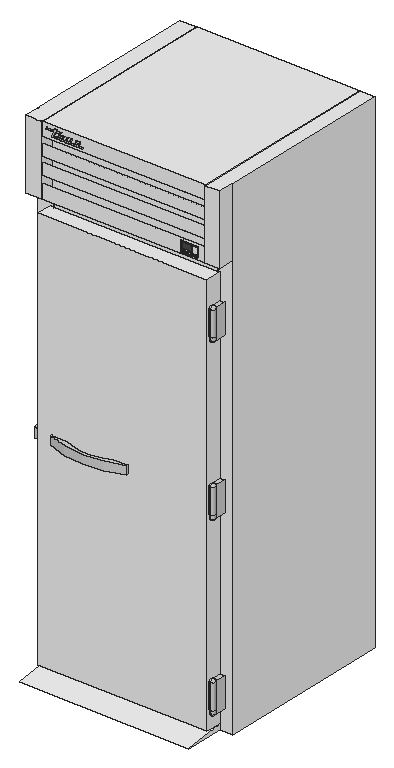
Revit family
Parameters
  Weight in Pounds = 0
  Watts = Volts * FL Amps  # 1023.5 W
  Volts = 115 V
  URL Cutsheet = "www.truemfg.com"
  URL = "www.truemfg.com"
  Type Mark [instance] = ""
  Type Comments = ""
  Status [instance] = ""
  Specification by User [instance] = ""
  Specification by Manufacturer = ""
  Show Logo [instance] = yes
  Show Clearance [instance] = yes
  Serial Number = ""
  Seismic Rating = ""
  SMACNA No = ""
  Revision Code [instance] = ""
  Phase = 1
  Omniclass Number and Title = ""
  Number of Poles [instance] = 1
  NAFEM Spec ID Number = ""
  Model = "STR1RRI89-1S"
  Min Ckt Ampacity = 0 A
  Max Overcurrent Protection = 0 A
  Masterspec = ""
  Manufacturer = "TRUE FOOD SERVICE EQUIPMENT, INC."
  Length = 35"
  Item Number [instance] = ""
  Installed By [instance] = ""
  Identify Quantity as Lot [instance] = yes
  Height = 88 3/4"
  HP = "1/3"
  Furnished By [instance] = ""
  Foodservice Equipment Identifier [instance] = yes
  FL Amps = 8.9 A
  Electrical Remarks [instance] = ""
  Electric Connection Type [instance] = ""
  Elec Conn RI Height [instance] = 0"
  Elec Conn Connection Height [instance] = 0"
  Description = "Roll-in Solid Swing Door Refrigerator"
  Depth = 34 3/4"
  Cycle = 60 Hz
  Conn Plug = "5-15P"
  Conn Conduit = yes
  CSI MasterFormat = ""
  CSI Master Format = ""
  Apparent Power = if(Phase = 3, Volts * FL Amps * 1.73, Volts * FL Amps)  # 1023.5 VA
Reference planes (in)
  plane 1 "BACK": y = 0
  plane 2: z = 0
  plane 3 "LEFT": x = 0
  plane 4 "RIGHT": x = 35
  plane 5 "FRONT": y = -34.75
  plane 6 "TOP": z = 88.75
  plane 7: x = 2.84375
  plane 8: y = -34.7042
  plane 9: x = 32.15625
  plane 10: z = 73.75
Forms (in)
  Extrusion 1, solid, material "QF_Finishes_Chrome - Satin"
    sketch origin (0.05, 0, 0) x (1, 0, 0) y (0, 1, 0)
      loop
        line (-0.05, 0) -> (-0.05, -32) -> (2.87859, -32) -> (2.87859, 0) -> (-0.05, 0)
    from 0 to 88.75
  Extrusion 2, solid, material "QF_Finishes_Chrome - Satin"
    sketch origin (50.15, 0, 0) x (1, 0, 0) y (0, 1, 0)
      loop
        line (-17.85, 0) -> (-17.85, -32) -> (-15.15, -32) -> (-15.15, 0) -> (-17.85, 0)
    from 0 to 88.75
  Extrusion 3, solid, material "QF_Finishes_Chrome - Satin"
    sketch origin (0, 0, 0) x (0, 1, 0) y (0, 0, 1)
      loop
        line (-34.7042, 76.28125) -> (-32, 76.28125) -> (-32, 0) -> (0, 0) -> (0, 88.75) -> (-34.7042, 88.75) -> (-34.7042, 86.40578) -> (-32.5, 84.83852) -> (-32.5, 83.71625) -> (-34.7042, 85.28351) -> (-34.7042, 83.1498) -> (-32.5, 81.58254) -> (-32.5, 80.62178) -> (-34.7042, 82.18904) -> (-34.7042, 80.09284) -> (-32.5, 78.52557) -> (-32.5, 77.25) -> (-34.7042, 78.81726) -> (-34.7042, 76.28125)
    from 2.92859 to 32.3
  Extrusion 4, solid, material "QF_Finishes_Chrome - Satin"
    sketch origin (0, 0, 0) x (1, 0, 0) y (0, 1, 0)
      loop
        line (34.84782, -32) -> (32.3, -32) -> (32.3, -34.75) -> (34.84782, -34.75) -> (34.84782, -32)
    from 76.28125 to 88.75
  Extrusion 5, solid, material "QF_Finishes_Chrome - Satin"
    sketch origin (-50.125, 0, 0.25) x (1, 0, 0) y (0, 1, 0)
      loop
        line (53.05359, -32) -> (50.24109, -32) -> (50.24109, -34.75) -> (53.05359, -34.75) -> (53.05359, -32)
    from 76.03125 to 88.5
  Extrusion 6, solid, material "QF_Finishes_Chrome - Satin"
    sketch origin (-24.96875, -1, -0.71875) x (1, 0, 0) y (0, 0, 1)
      loop
        line (27.25, 1.71875) -> (57.65625, 1.71875) -> (57.65625, 74.46875) -> (27.25, 74.46875) -> (27.25, 1.71875)
    from 31 to 33.75
  Extrusion 7, solid, material "QF_Finishes_Handrails and Railings"
    sketch origin (58.625, -0.25, 26.43519) x (1, 0, 0) y (0, 1, 0)
      loop
        line (-53.875, -34.5) -> (-53.875, -34.7)
        arc (-53.875, -34.7) -> (-47.075, -36.14405) -> (-40.275, -34.7) r 16.7325
        line (-40.275, -34.7) -> (-40.275, -34.5) -> (-42.675, -34.5)
        arc (-42.675, -34.5) -> (-47.075, -35.65816) -> (-51.475, -34.5) r 8.93715
        line (-51.475, -34.5) -> (-53.875, -34.5)
    from 10.87731 to 12.37731
  Extrusion 8, solid, material "QF_Finishes_Handrails and Railings"
    sketch origin (-23.375, 0, -2) x (1, 0, 0) y (0, 0, 1)
      loop
        circle (26.4375, 40.0625) r 0.35
      loop
        line (26.47265, 40.33635) -> (26.41715, 40.33635) -> (26.41715, 39.76895) -> (26.47265, 39.76895) -> (26.47265, 40.33635)
    from 33.5 to 33.83066
  Extrusion 9, solid, material "QF_Finishes_Handrails and Railings", visible <- "Show Logo"
    sketch origin (0.33478, 0.06376, 5.01857) x (1, 0, 0) y (0, 0, 1)
      loop
        line (3.46044, 83.08731) -> (3.35478, 82.86073) -> (4.76027, 82.86073)
        arc (4.76027, 82.86073) -> (4.78879, 82.81028) -> (4.76027, 82.75984) r 0.05887
        line (4.76027, 82.75984) -> (4.39369, 81.97372)
        arc (4.39369, 81.97372) -> (4.39051, 81.90091) -> (4.43975, 81.84717) r 0.09523
        line (4.43975, 81.84717) -> (5.33844, 81.84717)
        arc (5.33844, 81.84717) -> (5.45192, 81.88295) -> (5.52436, 81.97735) r 0.19785
        line (5.52436, 81.97735) -> (5.81285, 82.59601) -> (6.0779, 82.59601)
        arc (6.0779, 82.59601) -> (6.14744, 82.57043) -> (6.13737, 82.49703) r 0.05911
        line (6.13737, 82.49703) -> (5.89598, 81.97937)
        arc (5.89598, 81.97937) -> (5.89974, 81.8934) -> (5.97231, 81.84717) r 0.09318
        line (5.97231, 81.84717) -> (6.76198, 81.84717)
        arc (6.76198, 81.84717) -> (6.82249, 81.86919) -> (6.85468, 81.92495) r 0.09412
        arc (6.85468, 81.92495) -> (6.87746, 81.86995) -> (6.93246, 81.84717) r 0.07778
        line (6.93246, 81.84717) -> (7.43246, 81.84717)
        arc (7.43246, 81.84717) -> (7.49022, 81.86265) -> (7.53251, 81.90493) r 0.11552
        arc (7.53251, 81.90493) -> (7.55275, 81.85606) -> (7.60162, 81.83581) r 0.06912
        line (7.60162, 81.83581) -> (8.31225, 81.83581)
        arc (8.31225, 81.83581) -> (8.37034, 81.85988) -> (8.39441, 81.91797) r 0.08216
        arc (8.39441, 81.91797) -> (8.44767, 81.86472) -> (8.52042, 81.84522) r 0.14551
        line (8.52042, 81.84522) -> (9.85158, 81.84522) -> (9.99946, 82.10134) -> (8.65678, 82.10134)
        arc (8.65678, 82.10134) -> (8.61972, 82.12704) -> (8.61834, 82.17211) r 0.05009
        line (8.61834, 82.17211) -> (8.64157, 82.22192)
        arc (8.64157, 82.22192) -> (8.67723, 82.26864) -> (8.73327, 82.28635) r 0.09747
        line (8.73327, 82.28635) -> (9.16485, 82.28635)
        arc (9.16485, 82.28635) -> (9.258, 82.31131) -> (9.32619, 82.3795) r 0.1863
        line (9.32619, 82.3795) -> (9.45119, 82.59601)
        arc (9.45119, 82.59601) -> (9.45119, 82.71157) -> (9.35111, 82.76934) r 0.11556
        line (9.35111, 82.76934) -> (8.89562, 82.76934)
        arc (8.89562, 82.76934) -> (8.7795, 82.74962) -> (8.69849, 82.66412) r 0.18605
        line (8.69849, 82.66412) -> (8.48204, 82.19993)
        arc (8.48204, 82.19993) -> (8.41815, 82.11667) -> (8.31806, 82.08511) r 0.1745
        line (8.31806, 82.08511) -> (7.84559, 82.08511)
        arc (7.84559, 82.08511) -> (7.78903, 82.14684) -> (7.79268, 82.23048) r 0.10939
        line (7.79268, 82.23048) -> (8.04395, 82.76934) -> (7.88403, 82.76934) -> (7.61781, 82.19844)
        arc (7.61781, 82.19844) -> (7.56609, 82.13103) -> (7.48505, 82.10548) r 0.14128
        line (7.48505, 82.10548) -> (7.15925, 82.10548)
        arc (7.15925, 82.10548) -> (7.10419, 82.17723) -> (7.116, 82.26689) r 0.11816
        line (7.116, 82.26689) -> (7.3503, 82.76934) -> (7.18514, 82.76934) -> (6.91546, 82.191)
        arc (6.91546, 82.191) -> (6.85285, 82.12839) -> (6.76733, 82.10548) r 0.17104
        line (6.76733, 82.10548) -> (6.29555, 82.10548)
        arc (6.29555, 82.10548) -> (6.21082, 82.14499) -> (6.20267, 82.23813) r 0.0935
        line (6.20267, 82.23813) -> (6.35774, 82.57069) -> (6.57695, 82.57069)
        arc (6.57695, 82.57069) -> (6.61395, 82.68217) -> (6.69267, 82.76934) r 0.2857
        line (6.69267, 82.76934) -> (5.83605, 82.76934)
        arc (5.83605, 82.76934) -> (5.74086, 82.74824) -> (5.67498, 82.67635) r 0.16212
        line (5.67498, 82.67635) -> (5.44279, 82.17841)
        arc (5.44279, 82.17841) -> (5.3894, 82.12502) -> (5.31647, 82.10548) r 0.14586
        line (5.31647, 82.10548) -> (4.80506, 82.10548)
        arc (4.80506, 82.10548) -> (4.76514, 82.15942) -> (4.77274, 82.22609) r 0.09155
        line (4.77274, 82.22609) -> (5.11018, 82.86073) -> (5.96155, 82.86073) -> (6.06721, 83.08731) -> (5.21584, 83.08731) -> (5.32149, 83.31388) -> (5.01862, 83.31388) -> (4.91297, 83.08731) -> (3.46044, 83.08731)
      loop
        arc (8.83805, 82.56363) -> (8.80119, 82.55375) -> (8.7742, 82.52676) r 0.07373
        line (8.7742, 82.52676) -> (8.75229, 82.45936)
        arc (8.75229, 82.45936) -> (8.76245, 82.43483) -> (8.78699, 82.42466) r 0.0347
        line (8.78699, 82.42466) -> (9.15948, 82.42466)
        arc (9.15948, 82.42466) -> (9.18632, 82.43061) -> (9.20812, 82.44734) r 0.0635
        line (9.20812, 82.44734) -> (9.22624, 82.53122)
        arc (9.22624, 82.53122) -> (9.22091, 82.55368) -> (9.20009, 82.56363) r 0.02676
        line (9.20009, 82.56363) -> (8.83805, 82.56363)
    from 34.76797 to 34.83173
  Extrusion 10, solid, material "QF_Finishes_White"
    sketch origin (-22.74812, 0.0458, -7.98362) x (1, 0, 0) y (0, 0, 1)
      loop
        line (50.81732, 86.35727) -> (50.81732, 84.60996) -> (53.72357, 84.60996) -> (53.72357, 86.35727) -> (50.81732, 86.35727)
    from 34.75 to 34.76797
  Extrusion 11, solid, material "QF_Finishes_Black"
    sketch origin (-22.74812, 0.0458, -7.98362) x (1, 0, 0) y (0, 0, 1)
      loop
        line (53.78607, 86.41977) -> (50.75482, 86.41977) -> (50.75482, 84.54746) -> (53.78607, 84.54746) -> (53.78607, 86.41977)
      loop
        spline (50.95482, 84.87872) -> (50.96333, 84.86254) -> (50.98831, 84.84747) -> (51.02804, 84.83452) -> (51.07982, 84.82459) -> (51.14011, 84.81835) -> (51.20482, 84.81622) -> (51.26952, 84.81835) -> (51.32982, 84.82459) -> (51.38159, 84.83452) -> (51.42132, 84.84747) -> (51.4463, 84.86254) -> (51.45482, 84.87872)
        spline (51.45482, 84.87872) -> (51.4463, 84.89489) -> (51.42132, 84.90997) -> (51.38159, 84.92291) -> (51.32982, 84.93284) -> (51.26952, 84.93909) -> (51.20482, 84.94122) -> (51.14011, 84.93909) -> (51.07982, 84.93284) -> (51.02804, 84.92291) -> (50.98831, 84.90997) -> (50.96333, 84.89489) -> (50.95482, 84.87872)
      loop
        spline (51.65083, 84.87872) -> (51.65935, 84.86254) -> (51.68432, 84.84747) -> (51.72405, 84.83452) -> (51.77583, 84.82459) -> (51.83612, 84.81835) -> (51.90083, 84.81622) -> (51.96553, 84.81835) -> (52.02583, 84.82459) -> (52.07761, 84.83452) -> (52.11734, 84.84747) -> (52.14231, 84.86254) -> (52.15083, 84.87872)
        spline (52.15083, 84.87872) -> (52.14231, 84.89489) -> (52.11734, 84.90997) -> (52.07761, 84.92291) -> (52.02583, 84.93284) -> (51.96553, 84.93909) -> (51.90083, 84.94122) -> (51.83612, 84.93909) -> (51.77583, 84.93284) -> (51.72405, 84.92291) -> (51.68432, 84.90997) -> (51.65935, 84.89489) -> (51.65083, 84.87872)
      loop
        spline (52.40083, 84.87872) -> (52.40935, 84.86254) -> (52.43432, 84.84747) -> (52.47405, 84.83452) -> (52.52583, 84.82459) -> (52.58612, 84.81835) -> (52.65083, 84.81622) -> (52.71553, 84.81835) -> (52.77583, 84.82459) -> (52.82761, 84.83452) -> (52.86734, 84.84747) -> (52.89231, 84.86254) -> (52.90083, 84.87872)
        spline (52.90083, 84.87872) -> (52.89231, 84.89489) -> (52.86734, 84.90997) -> (52.82761, 84.92291) -> (52.77583, 84.93284) -> (52.71553, 84.93909) -> (52.65083, 84.94122) -> (52.58612, 84.93909) -> (52.52583, 84.93284) -> (52.47405, 84.92291) -> (52.43432, 84.90997) -> (52.40935, 84.89489) -> (52.40083, 84.87872)
      loop
        line (50.95481, 86.21978) -> (50.95481, 85.21978) -> (52.65433, 85.21978) -> (52.65433, 86.21978) -> (50.95481, 86.21978)
      loop
        line (53.72357, 86.35727) -> (50.81732, 86.35727) -> (50.81732, 84.60996) -> (53.72357, 84.60996) -> (53.72357, 86.35727)
      loop
        spline (53.15083, 84.87872) -> (53.15935, 84.86254) -> (53.18432, 84.84747) -> (53.22405, 84.83452) -> (53.27583, 84.82459) -> (53.33612, 84.81835) -> (53.40083, 84.81622) -> (53.46553, 84.81835) -> (53.52583, 84.82459) -> (53.57761, 84.83452) -> (53.61734, 84.84747) -> (53.64231, 84.86254) -> (53.65083, 84.87872)
        spline (53.65083, 84.87872) -> (53.64231, 84.89489) -> (53.61734, 84.90997) -> (53.57761, 84.92291) -> (53.52583, 84.93284) -> (53.46553, 84.93909) -> (53.40083, 84.94122) -> (53.33612, 84.93909) -> (53.27583, 84.93284) -> (53.22405, 84.92291) -> (53.18432, 84.90997) -> (53.15935, 84.89489) -> (53.15083, 84.87872)
    from 34.76797 to 34.80335
  Extrusion 12, solid
    sketch origin (-25.125, 0, 0) x (1, 0, 0) y (0, 0, 1)
      loop
        circle (56.875, 86.625) r 0.25
    from 0 to 0.0625
  Blend 13, solid, material "QF_Finishes_Handrails and Railings"
    base sketch origin (27.53125, -1, 0) x (-1, 0, 0) y (0, 0, -1)
      loop
        line (25.25, -38.99169) -> (26, -38.99169) -> (26, -37.24169) -> (25.25, -37.24169) -> (25.25, -38.99169)
    top sketch origin (27.53125, 0, 0) x (-1, 0, 0) y (0, 0, -1)
      loop
        line (26.18223, -36.6441) -> (25.25, -36.6441) -> (25.25, -39.42643) -> (26.18223, -39.42643) -> (26.18223, -36.6441)
    from 33.57883 to 32
  Extrusion 14, solid, material "QF_Finishes_Handrails and Railings"
    sketch origin (33.78125, 0, 0) x (0, 1, 0) y (0, 0, -1)
      loop
        line (-32, -69.17729) -> (-32, -63.86127) -> (-34.25, -63.86127) -> (-34.25, -64.57348) -> (-33.81497, -64.57348) -> (-33.81497, -68.97276)
        arc (-33.81497, -68.97276) -> (-33.75506, -69.11738) -> (-33.61044, -69.17729) r 0.20453
        line (-33.61044, -69.17729) -> (-32, -69.17729)
    from 0.17506 to 1
  Revolve 15, solid, material "QF_Finishes_Handrails and Railings"
    sketch origin (33.28125, 0, 0) x (0, 1, 0) y (0, 0, -1)
      loop
        line (-34.26563, -64.62689) -> (-34.67229, -64.62689) -> (-34.67229, -69.0986)
        arc (-34.67229, -69.0986) -> (-34.53722, -69.35057) -> (-34.26563, -69.43983) r 0.3848
        line (-34.26563, -69.43983) -> (-34.26563, -64.62689)
      loop
        line (-34.26563, -64.57348) -> (-34.26563, -63.67281)
        arc (-34.26563, -63.67281) -> (-34.53264, -63.75883) -> (-34.67229, -64.00212) r 0.38884
        line (-34.67229, -64.00212) -> (-34.67229, -64.57348) -> (-34.26563, -64.57348)
      axis (-34.26563, -63.67281) -> (-34.26563, -69.43983)
    angle from 0 to 360
  Extrusion 16, solid, material "QF_Finishes_Handrails and Railings"
    sketch origin (27.5, -1.07734, 0.0011) x (-1, 0, 0) y (0, 0, -1)
      loop
        line (-5.58509, -69.0986) -> (-5.1875, -69.0986) -> (-5.1875, -64.62579) -> (-5.58509, -64.62579) -> (-5.58509, -69.0986)
    from 32.81497 to 33.59495
  Extrusion 17, solid, material "QF_Finishes_Handrails and Railings"
    sketch origin (33.78125, 0, -24) x (0, 1, 0) y (0, 0, -1)
      loop
        line (-32, -64.55229) -> (-32, -59.23627) -> (-34.25, -59.23627) -> (-34.25, -59.94848) -> (-33.81497, -59.94848) -> (-33.81497, -64.34776)
        arc (-33.81497, -64.34776) -> (-33.75506, -64.49238) -> (-33.61044, -64.55229) r 0.20453
        line (-33.61044, -64.55229) -> (-32, -64.55229)
    from 0.17506 to 1
  Revolve 18, solid, material "QF_Finishes_Handrails and Railings"
    sketch origin (33.28125, 0, -24) x (0, 1, 0) y (0, 0, -1)
      loop
        line (-34.26563, -60.00189) -> (-34.67229, -60.00189) -> (-34.67229, -64.4736)
        arc (-34.67229, -64.4736) -> (-34.53722, -64.72557) -> (-34.26563, -64.81483) r 0.3848
        line (-34.26563, -64.81483) -> (-34.26563, -60.00189)
      loop
        line (-34.26563, -59.94848) -> (-34.26563, -59.04781)
        arc (-34.26563, -59.04781) -> (-34.53264, -59.13383) -> (-34.67229, -59.37712) r 0.38884
        line (-34.67229, -59.37712) -> (-34.67229, -59.94848) -> (-34.26563, -59.94848)
      axis (-34.26563, -59.04781) -> (-34.26563, -64.81483)
    angle from 0 to 360
  Extrusion 19, solid, material "QF_Finishes_Handrails and Railings"
    sketch origin (27.5, -1.07734, -23.9989) x (-1, 0, 0) y (0, 0, -1)
      loop
        line (-5.58509, -64.4736) -> (-5.1875, -64.4736) -> (-5.1875, -60.00079) -> (-5.58509, -60.00079) -> (-5.58509, -64.4736)
    from 32.81497 to 33.59495
  Extrusion 20, solid, material "QF_Finishes_Handrails and Railings"
    sketch origin (33.78125, 0, -55.5) x (0, 1, 0) y (0, 0, -1)
      loop
        line (-32, -64.55229) -> (-32, -59.23627) -> (-34.25, -59.23627) -> (-34.25, -59.94848) -> (-33.81497, -59.94848) -> (-33.81497, -64.34776)
        arc (-33.81497, -64.34776) -> (-33.75506, -64.49238) -> (-33.61044, -64.55229) r 0.20453
        line (-33.61044, -64.55229) -> (-32, -64.55229)
    from 0.17506 to 1
  Revolve 21, solid, material "QF_Finishes_Handrails and Railings"
    sketch origin (33.28125, 0, -55.5) x (0, 1, 0) y (0, 0, -1)
      loop
        line (-34.26563, -60.00189) -> (-34.67229, -60.00189) -> (-34.67229, -64.4736)
        arc (-34.67229, -64.4736) -> (-34.53722, -64.72557) -> (-34.26563, -64.81483) r 0.3848
        line (-34.26563, -64.81483) -> (-34.26563, -60.00189)
      loop
        line (-34.26563, -59.94848) -> (-34.26563, -59.04781)
        arc (-34.26563, -59.04781) -> (-34.53264, -59.13383) -> (-34.67229, -59.37712) r 0.38884
        line (-34.67229, -59.37712) -> (-34.67229, -59.94848) -> (-34.26563, -59.94848)
      axis (-34.26563, -59.04781) -> (-34.26563, -64.81483)
    angle from 0 to 360
  Extrusion 22, solid, material "QF_Finishes_Handrails and Railings"
    sketch origin (27.5, -1.07734, -55.4989) x (-1, 0, 0) y (0, 0, -1)
      loop
        line (-5.58509, -64.4736) -> (-5.1875, -64.4736) -> (-5.1875, -60.00079) -> (-5.58509, -60.00079) -> (-5.58509, -64.4736)
    from 32.81497 to 33.59495
  Extrusion 23, solid, material "QF_Finishes_Door Clearance", visible <- "Show Clearance", detail levels coarse
    sketch origin (26.42841, -3.6098, 0) x (1, 0, 0) y (0, 1, 0)
      loop
        line (6.32159, -31.1402) -> (-24.14716, -31.1402)
        arc (-24.14716, -31.1402) -> (-15.22307, -52.68486) -> (6.32159, -61.60895) r 30.46875
        line (6.32159, -61.60895) -> (6.32159, -31.1402)
    from 1 to 73.75
  Extrusion 24, solid, material "QF_Finishes_Chrome - Satin"
    sketch origin (32.6875, -1, 1) x (0, 0, 1) y (0, -1, 0)
      loop
        line (-1, 37.875) -> (-1, 31) -> (0, 31) -> (-1, 37.875)
    from 0 to -30.40625
Cuts and joins
  joined: Extrusion 1, Extrusion 2, Extrusion 4, Extrusion 5
Lines and regions (in)
  symbolic lines
    curve 1: line (0, 0, 0) -> (35, 0, 0)
    curve 2: line (0, -34.75, 0) -> (0, 0, 0)
    curve 3: line (35, -34.75, 0) -> (0, -34.75, 0)
    curve 4: line (35, 0, 0) -> (35, -34.75, 0)
    curve 5: line (35, -32.5, 0) -> (0, -32.5, 0)
    curve 6: arc (15.95746, -34.75, 0) -> (11.55746, -35.90816, 0) -> (7.15746, -34.75, 0) r 8.93715
    curve 7: arc (4.75746, -34.95, 0) -> (11.55746, -36.39405, 0) -> (18.35746, -34.95, 0) r 16.7325
    curve 8: line (4.75746, -34.75, 0) -> (4.75746, -34.95, 0)
    curve 9: line (18.35746, -34.95, 0) -> (18.35746, -34.75, 0)
  symbolic lines, style "QF-Door Swings", visible <- "Show Clearance", detail levels coarse
    curve 10: line (32.75, -34.75, 0) -> (32.75, -65.21875, 0)
    curve 11: arc (32.75, -65.21875, 0) -> (11.20534, -56.29466, 0) -> (2.28125, -34.75, 0) r 30.46875
Dimensions and locks (in)
  "Depth": plane 5 "FRONT" to plane 1 "BACK"
  "Height": plane 6 "TOP" to level
  Extrusion 6 sketch curve to Extrusion 6 sketch curve = 30 13/32"
  Extrusion 6 to plane 1 "BACK" = 34 3/4"
  "Length": plane 3 "LEFT" to plane 4 "RIGHT"
  plane 4 "RIGHT" to plane 3 "LEFT" = 35"
  plane 10 to level = 73 3/4"
  aligned and locked: level to plane 2
  aligned and locked: plane 6 "TOP" to cut or joined group of Extrusion 1, Extrusion 2, Extrusion 4, Extrusion 5
Automatic sketch dimensions
  Extrusion 1 sketch curve to plane 3 "LEFT" = 0"
  plane 1 "BACK" to Extrusion 1 sketch curve = 0"
  Extrusion 1 sketch curve to Extrusion 1 sketch curve = 2.92859"
  Extrusion 1 sketch curve to plane 5 "FRONT" = 2 3/4"
  plane 1 "BACK" to Extrusion 2 sketch curve = 0"
  Extrusion 2 sketch curve to plane 4 "RIGHT" = 0"
  Extrusion 2 sketch curve to plane 5 "FRONT" = 2 3/4"
  plane 5 "FRONT" to Extrusion 4 sketch curve = 0"
  Extrusion 4 sketch curve to plane 4 "RIGHT" = 0.15218"
  Extrusion 4 sketch curve to plane 5 "FRONT" = 2 3/4"
  plane 5 "FRONT" to Extrusion 5 sketch curve = 0"
  plane 3 "LEFT" to Extrusion 5 sketch curve = 0.11609"
  Extrusion 5 sketch curve to Extrusion 5 sketch curve = 2 13/16"
  Extrusion 5 sketch curve to plane 5 "FRONT" = 2 3/4"
  plane 5 "FRONT" to Extrusion 7 sketch curve = 0"  (x2)
  Extrusion 7 sketch curve to Extrusion 7 sketch curve = 2.4"  (x2)
  Extrusion 7 sketch curve to Extrusion 7 sketch curve = 4.4"
  Extrusion 7 sketch curve to Extrusion 7 sketch curve = 0"
  Extrusion 7 sketch curve to Extrusion 7 sketch curve = 0.2"
  Extrusion 7 sketch curve to plane 5 "FRONT" = 7.77899"
  Extrusion 7 sketch curve to Extrusion 7 sketch curve = 7.30945"
  Extrusion 8 sketch curve to Extrusion 8 sketch curve = 0.02035"
  Extrusion 8 sketch curve to Extrusion 8 sketch curve = 0.0555"
  Extrusion 8 sketch curve to Extrusion 8 sketch curve = 0.29355"
  Extrusion 8 sketch curve to Extrusion 8 sketch curve = 0.27385"
  plane 3 "LEFT" to Extrusion 9 sketch curve = 3.68957"
  Extrusion 9 sketch curve to Extrusion 9 sketch curve = 0.10565"  (x5)
  Extrusion 9 sketch curve to Extrusion 9 sketch curve = 1.03891"
  Extrusion 9 sketch curve to Extrusion 9 sketch curve = 0.04606"
  Extrusion 9 sketch curve to Extrusion 9 sketch curve = 0.04025"
  Extrusion 9 sketch curve to Extrusion 9 sketch curve = 0.33624"
  Extrusion 9 sketch curve to Extrusion 9 sketch curve = 0.03034"  (x2)
  Extrusion 9 sketch curve to Extrusion 9 sketch curve = 0.29274"
  Extrusion 9 sketch curve to Extrusion 9 sketch curve = 0.03232"
  Extrusion 9 sketch curve to Extrusion 9 sketch curve = 0.08083"
  Extrusion 9 sketch curve to Extrusion 9 sketch curve = 0.1527"
  Extrusion 9 sketch curve to Extrusion 9 sketch curve = 0.19721"
  Extrusion 9 sketch curve to Extrusion 9 sketch curve = 0.4629"
  Extrusion 9 sketch curve to Extrusion 9 sketch curve = 0.02197"
  Extrusion 9 sketch curve to Extrusion 9 sketch curve = 0.12632"
  Extrusion 9 sketch curve to Extrusion 9 sketch curve = 0.18591"
  Extrusion 9 sketch curve to Extrusion 9 sketch curve = 0.2322"
  Extrusion 9 sketch curve to Extrusion 9 sketch curve = 0.13786"
  Extrusion 9 sketch curve to Extrusion 9 sketch curve = 0.00907"
  Extrusion 9 sketch curve to Extrusion 9 sketch curve = 0.01413"
  Extrusion 9 sketch curve to Extrusion 9 sketch curve = 0.37162"
  Extrusion 9 sketch curve to Extrusion 9 sketch curve = 0.12551"
  Extrusion 9 sketch curve to Extrusion 9 sketch curve = 0.07633"
  Extrusion 9 sketch curve to Extrusion 9 sketch curve = 0.08445"
  Extrusion 9 sketch curve to Extrusion 9 sketch curve = 0.25598"
  Extrusion 9 sketch curve to Extrusion 9 sketch curve = 0.01887"
  Extrusion 9 sketch curve to Extrusion 9 sketch curve = 0.04061"
  Extrusion 9 sketch curve to Extrusion 9 sketch curve = 0.0653"
  Extrusion 9 sketch curve to Extrusion 9 sketch curve = 0.08474"
  Extrusion 9 sketch curve to Extrusion 9 sketch curve = 0.00815"
  Extrusion 9 sketch curve to Extrusion 9 sketch curve = 0.22037"
  Extrusion 9 sketch curve to Extrusion 9 sketch curve = 0.21921"
  Extrusion 9 sketch curve to Extrusion 9 sketch curve = 0.11572"
  Extrusion 9 sketch curve to Extrusion 9 sketch curve = 0.46643"
  Extrusion 9 sketch curve to Extrusion 9 sketch curve = 0.00535"
  Extrusion 9 sketch curve to Extrusion 9 sketch curve = 0.09269"
  Extrusion 9 sketch curve to Extrusion 9 sketch curve = 0.09348"
  Extrusion 9 sketch curve to Extrusion 9 sketch curve = 0.14812"
  Extrusion 9 sketch curve to Extrusion 9 sketch curve = 0.07778"  (x3)
  Extrusion 9 sketch curve to Extrusion 9 sketch curve = 0.20054"
  Extrusion 9 sketch curve to Extrusion 9 sketch curve = 0.04325"
  Extrusion 9 sketch curve to Extrusion 9 sketch curve = 0.32433"
  Extrusion 9 sketch curve to Extrusion 9 sketch curve = 0.10233"  (x2)
  Extrusion 9 sketch curve to Extrusion 9 sketch curve = 0.16515"
  Extrusion 9 sketch curve to Extrusion 9 sketch curve = 0.27321"
  Extrusion 9 sketch curve to Extrusion 9 sketch curve = 0.0526"
  Extrusion 9 sketch curve to Extrusion 9 sketch curve = 0.10005"
  Extrusion 9 sketch curve to Extrusion 9 sketch curve = 0.06912"
  Extrusion 9 sketch curve to Extrusion 9 sketch curve = 0.13276"
  Extrusion 9 sketch curve to Extrusion 9 sketch curve = 0.17486"
  Extrusion 9 sketch curve to Extrusion 9 sketch curve = 0.05291"
  Extrusion 9 sketch curve to Extrusion 9 sketch curve = 0.53374"
  Extrusion 9 sketch curve to Extrusion 9 sketch curve = 0.09914"  (x2)
  Extrusion 9 sketch curve to Extrusion 9 sketch curve = 0.15992"
  Extrusion 9 sketch curve to Extrusion 9 sketch curve = 0.46666"
  Extrusion 9 sketch curve to Extrusion 9 sketch curve = 0.00582"
  Extrusion 9 sketch curve to Extrusion 9 sketch curve = 0.08216"
  Extrusion 9 sketch curve to Extrusion 9 sketch curve = 0.16397"
  Extrusion 9 sketch curve to Extrusion 9 sketch curve = 0.12601"
  Extrusion 9 sketch curve to Extrusion 9 sketch curve = 0.1363"
  Extrusion 9 sketch curve to Extrusion 9 sketch curve = 0.02323"
  Extrusion 9 sketch curve to Extrusion 9 sketch curve = 0.03844"
  Extrusion 9 sketch curve to Extrusion 9 sketch curve = 0.0454"
  Extrusion 9 sketch curve to Extrusion 9 sketch curve = 0.05693"
  Extrusion 9 sketch curve to Extrusion 9 sketch curve = 0.0917"
  Extrusion 9 sketch curve to Extrusion 9 sketch curve = 0.01902"
  Extrusion 9 sketch curve to Extrusion 9 sketch curve = 0.02191"
  Extrusion 9 sketch curve to Extrusion 9 sketch curve = 0.0347"
  Extrusion 9 sketch curve to Extrusion 9 sketch curve = 0.06385"
  Extrusion 9 sketch curve to Extrusion 9 sketch curve = 0.02906"
  Extrusion 9 sketch curve to Extrusion 9 sketch curve = 0.02851"
  Extrusion 9 sketch curve to Extrusion 9 sketch curve = 0.29237"
  Extrusion 9 sketch curve to Extrusion 9 sketch curve = 0.00537"
  Extrusion 9 sketch curve to Extrusion 9 sketch curve = 0.0406"
  Extrusion 9 sketch curve to Extrusion 9 sketch curve = 0.04327"
  Extrusion 9 sketch curve to Extrusion 9 sketch curve = 0.02615"
  Extrusion 9 sketch curve to Extrusion 9 sketch curve = 0.11806"
  Extrusion 9 sketch curve to Extrusion 9 sketch curve = 0.15103"
  Extrusion 9 sketch curve to Extrusion 9 sketch curve = 0.10007"
  Extrusion 9 sketch curve to Extrusion 9 sketch curve = 0.5254"
  Extrusion 9 sketch curve to Extrusion 9 sketch curve = 0.14787"
  Extrusion 9 sketch curve to plane 6 "TOP" = 1.89562"
  Extrusion 9 sketch curve to Extrusion 9 sketch curve = 0.07275"
  Extrusion 9 sketch curve to Extrusion 9 sketch curve = 0.05776"
  Extrusion 9 sketch curve to Extrusion 9 sketch curve = 0.08631"
  Extrusion 9 sketch curve to Extrusion 9 sketch curve = 0.09282"
  Extrusion 9 sketch curve to Extrusion 9 sketch curve = 0.13018"
  Extrusion 9 sketch curve to Extrusion 9 sketch curve = 0.16714"
  Extrusion 9 sketch curve to Extrusion 9 sketch curve = 0.11061"
  Extrusion 9 sketch curve to Extrusion 9 sketch curve = 0.06046"
  Extrusion 9 sketch curve to Extrusion 9 sketch curve = 0.16548"
  Extrusion 9 sketch curve to Extrusion 9 sketch curve = 0.14279"
  Extrusion 9 sketch curve to Extrusion 9 sketch curve = 0.0496"
  Extrusion 9 sketch curve to Extrusion 9 sketch curve = 0.07293"
  Extrusion 9 sketch curve to Extrusion 9 sketch curve = 0.07764"
  Extrusion 9 sketch curve to Extrusion 9 sketch curve = 0.03794"
  Extrusion 9 sketch curve to Extrusion 9 sketch curve = 0.08552"
  Extrusion 9 sketch curve to Extrusion 9 sketch curve = 0.09296"
  Extrusion 9 sketch curve to Extrusion 9 sketch curve = 0.09314"
  Extrusion 9 sketch curve to Extrusion 9 sketch curve = 0.02781"
  Extrusion 9 sketch curve to Extrusion 9 sketch curve = 0.04981"
  Extrusion 9 sketch curve to Extrusion 9 sketch curve = 0.09315"
  Extrusion 9 sketch curve to Extrusion 9 sketch curve = 0.04799"
  Extrusion 9 sketch curve to Extrusion 9 sketch curve = 0.02531"
  Extrusion 9 sketch curve to Extrusion 9 sketch curve = 0.03054"
  Extrusion 9 sketch curve to Extrusion 9 sketch curve = 0.2589"
  Extrusion 9 sketch curve to Extrusion 9 sketch curve = 0.0674"
  Extrusion 9 sketch curve to Extrusion 9 sketch curve = 0.0324"
  Extrusion 9 sketch curve to Extrusion 9 sketch curve = 0.26185"
  Extrusion 9 sketch curve to Extrusion 9 sketch curve = 11/256"
  Extrusion 9 sketch curve to Extrusion 9 sketch curve = 0.07366"
  Extrusion 9 sketch curve to Extrusion 9 sketch curve = 0.02187"
  Extrusion 9 sketch curve to Extrusion 9 sketch curve = 0.06479"
  Extrusion 9 sketch curve to Extrusion 9 sketch curve = 0.01183"
  Extrusion 9 sketch curve to Extrusion 9 sketch curve = 0.05778"
  Extrusion 9 sketch curve to Extrusion 9 sketch curve = 0.53375"
  Extrusion 9 sketch curve to Extrusion 9 sketch curve = 0.23098"
  Extrusion 9 sketch curve to Extrusion 9 sketch curve = 0"
  Extrusion 9 sketch curve to Extrusion 9 sketch curve = 0.05045"
  Extrusion 9 sketch curve to Extrusion 9 sketch curve = 0.09139"
  Extrusion 9 sketch curve to Extrusion 9 sketch curve = 29/128"  (x3)
  Extrusion 12 sketch curve to plane 6 "TOP" = 2 1/8"
  Blend 13 sketch curve to Blend 13 sketch curve = 1 3/4"
  Blend 13 sketch curve to Blend 13 sketch curve = 2.78233"
  Extrusion 14 sketch curve to plane 5 "FRONT" = 1/2"
  Extrusion 14 sketch curve to Extrusion 14 sketch curve = 0.43503"
  Extrusion 14 sketch curve to Extrusion 14 sketch curve = 0.20453"
  Extrusion 14 sketch curve to Extrusion 14 sketch curve = 1.61044"
  Extrusion 14 sketch curve to plane 6 "TOP" = 19.57271"
  Extrusion 14 sketch curve to Extrusion 14 sketch curve = 4.39928"
  Extrusion 14 sketch curve to Extrusion 14 sketch curve = 0.71221"
  Revolve 15 sketch curve to plane 5 "FRONT" = 0.07771"  (x2)
  Revolve 15 sketch curve to Revolve 15 sketch curve = 0.38242"
  Revolve 15 sketch curve to Revolve 15 sketch curve = 0.38436"
  Revolve 15 sketch curve to plane 5 "FRONT" = 31/64"
  Revolve 15 sketch curve to Revolve 15 sketch curve = 0.40666"
  Revolve 15 sketch curve to Revolve 15 sketch curve = 0"
  Revolve 15 sketch curve to plane 6 "TOP" = 18.75492"
  Revolve 15 sketch curve to Revolve 15 sketch curve = 0.55526"
  Revolve 15 sketch curve to Revolve 15 sketch curve = 0.19474"
  Revolve 15 sketch curve to Revolve 15 sketch curve = 0.14649"
  Revolve 15 sketch curve to Revolve 15 sketch curve = 4.42889"
  Revolve 15 sketch curve to Revolve 15 sketch curve = 0.05342"
  Revolve 15 sketch curve to Revolve 15 sketch curve = 0.51246"
  Revolve 15 sketch curve to Revolve 15 sketch curve = 0.05889"
  Extrusion 16 sketch curve to Extrusion 16 sketch curve = 0.39759"
  Extrusion 16 sketch curve to plane 6 "TOP" = 19.6503"
  Extrusion 16 sketch curve to Extrusion 16 sketch curve = 4.47281"
  Extrusion 17 sketch curve to plane 5 "FRONT" = 1/2"
  Extrusion 17 sketch curve to Extrusion 17 sketch curve = 0.43503"
  Extrusion 17 sketch curve to Extrusion 17 sketch curve = 0.20453"
  Extrusion 17 sketch curve to Extrusion 17 sketch curve = 1.61044"
  Extrusion 17 sketch curve to Extrusion 17 sketch curve = 4.39928"
  Extrusion 17 sketch curve to Extrusion 17 sketch curve = 0.71221"
  Revolve 18 sketch curve to plane 5 "FRONT" = 0.07771"  (x2)
  Revolve 18 sketch curve to Revolve 18 sketch curve = 0.38242"
  Revolve 18 sketch curve to Revolve 18 sketch curve = 0.38436"
  Revolve 18 sketch curve to plane 5 "FRONT" = 31/64"
  Revolve 18 sketch curve to Revolve 18 sketch curve = 0.40666"
  Revolve 18 sketch curve to Revolve 18 sketch curve = 0"
  Revolve 18 sketch curve to Revolve 18 sketch curve = 0.55526"
  Revolve 18 sketch curve to Revolve 18 sketch curve = 0.19474"
  Revolve 18 sketch curve to Revolve 18 sketch curve = 0.14649"
  Revolve 18 sketch curve to Revolve 18 sketch curve = 4.42889"
  Revolve 18 sketch curve to Revolve 18 sketch curve = 0.05342"
  Revolve 18 sketch curve to Revolve 18 sketch curve = 0.51246"
  Revolve 18 sketch curve to Revolve 18 sketch curve = 0.05889"
  Extrusion 19 sketch curve to Extrusion 19 sketch curve = 0.39759"
  Extrusion 19 sketch curve to Extrusion 19 sketch curve = 4.47281"
  Extrusion 20 sketch curve to plane 5 "FRONT" = 1/2"
  Extrusion 20 sketch curve to Extrusion 20 sketch curve = 0.43503"
  Extrusion 20 sketch curve to Extrusion 20 sketch curve = 0.20453"
  Extrusion 20 sketch curve to Extrusion 20 sketch curve = 1.61044"
  Extrusion 20 sketch curve to Extrusion 20 sketch curve = 0.71221"
  Revolve 21 sketch curve to plane 5 "FRONT" = 0.07771"  (x2)
  Revolve 21 sketch curve to Revolve 21 sketch curve = 0.38242"
  Revolve 21 sketch curve to Revolve 21 sketch curve = 0.38436"
  Revolve 21 sketch curve to plane 5 "FRONT" = 31/64"
  Revolve 21 sketch curve to Revolve 21 sketch curve = 0.40666"
  Revolve 21 sketch curve to Revolve 21 sketch curve = 0"
  Revolve 21 sketch curve to Revolve 21 sketch curve = 0.55526"
  Revolve 21 sketch curve to Revolve 21 sketch curve = 0.19474"
  Revolve 21 sketch curve to Revolve 21 sketch curve = 0.14649"
  Revolve 21 sketch curve to Revolve 21 sketch curve = 0.05342"
  Revolve 21 sketch curve to Revolve 21 sketch curve = 0.51246"
  Revolve 21 sketch curve to Revolve 21 sketch curve = 0.05889"
  Extrusion 22 sketch curve to Extrusion 22 sketch curve = 0.39759"
  Extrusion 3 sketch curve to plane 8 = 0"  (x4)
  Extrusion 3 sketch curve to plane 6 "TOP" = 0"
  plane 8 to Extrusion 3 sketch curve = 2.2042"  (x2)
  Extrusion 3 sketch curve to Extrusion 3 sketch curve = 0"
  Extrusion 3 sketch curve to Extrusion 3 sketch curve = 1/2"
  plane 1 "BACK" to Extrusion 3 sketch curve = 0"
  Extrusion 3 sketch curve to plane 6 "TOP" = 2.34422"
  Extrusion 3 sketch curve to Extrusion 3 sketch curve = 1.12227"  (x2)
  Extrusion 3 sketch curve to Extrusion 3 sketch curve = 0.445"
  Extrusion 3 sketch curve to Extrusion 3 sketch curve = 2.13371"  (x2)
  Extrusion 3 sketch curve to Extrusion 3 sketch curve = 0.96076"  (x2)
  Extrusion 3 sketch curve to Extrusion 3 sketch curve = 2.0962"  (x2)
  Extrusion 3 sketch curve to Extrusion 3 sketch curve = 1.27557"  (x2)
  Extrusion 3 sketch curve to Extrusion 3 sketch curve = 31/32"
  Blend 13 sketch curve to Blend 13 sketch curve = 3/4"
  Blend 13 sketch curve to Blend 13 sketch curve = 0.93223"
  Extrusion 2 sketch curve to plane 4 "RIGHT" = 2.7"
  Extrusion 4 sketch curve to Extrusion 4 sketch curve = 2.54782"
  plane 7 to Extrusion 7 sketch curve = 1 29/32"
  plane 7 to Extrusion 8 sketch curve = 0.1984"
  Extrusion 12 sketch curve to plane 4 "RIGHT" = 3 1/4"
  Blend 13 sketch curve to plane 7 = 9/16"
  plane 7 to Blend 13 sketch curve = 9/16"
  Extrusion 16 sketch curve to plane 4 "RIGHT" = 1.91491"
  Extrusion 19 sketch curve to plane 4 "RIGHT" = 1.91491"
  Extrusion 22 sketch curve to plane 4 "RIGHT" = 1.91491"
  Extrusion 11 sketch curve to Extrusion 11 sketch curve = 1/4"  (x4)
  Extrusion 11 sketch curve to Extrusion 11 sketch curve = 0.4965"
  Extrusion 11 sketch curve to Extrusion 11 sketch curve = 0.0035"
  Extrusion 11 sketch curve to Extrusion 11 sketch curve = 1/2"
  Extrusion 11 sketch curve to Extrusion 11 sketch curve = 0.44601"
  Extrusion 11 sketch curve to Extrusion 11 sketch curve = 0"  (x3)
  Extrusion 11 sketch curve to Extrusion 11 sketch curve = 0.1375"  (x2)
  Extrusion 11 sketch curve to Extrusion 11 sketch curve = 1/16"  (x4)
  Extrusion 11 sketch curve to plane 6 "TOP" = 12.18616"
  Extrusion 11 sketch curve to Extrusion 11 sketch curve = 0.26876"  (x2)
  Extrusion 11 sketch curve to Extrusion 11 sketch curve = 0.34106"
  Extrusion 11 sketch curve to plane 6 "TOP" = 10.51384"
  Extrusion 10 sketch curve to plane 6 "TOP" = 10.37634"
  Extrusion 10 sketch curve to Extrusion 10 sketch curve = 1.74732"
  Extrusion 10 sketch curve to plane 4 "RIGHT" = 6.9308"
  Extrusion 10 sketch curve to Extrusion 10 sketch curve = 2 29/32"
  Extrusion 11 sketch curve to plane 4 "RIGHT" = 6.9933"
  Extrusion 11 sketch curve to Extrusion 11 sketch curve = 1.06923"
  Extrusion 6 sketch curve to plane 7 = 9/16"
  Extrusion 6 sketch curve to plane 6 "TOP" = 15"
  plane 5 "FRONT" to Extrusion 23 sketch curve = 0"
  Extrusion 23 sketch curve to plane 7 = 9/16"
  Extrusion 23 sketch curve to plane 4 "RIGHT" = 2 1/4"
  plane 1 "BACK" to curve 1 = 0"
  curve 1 to plane 3 "LEFT" = 0"
  plane 5 "FRONT" to curve 11 = 0"
  curve 3 to plane 4 "RIGHT" = 0"
  curve 11 to plane 7 = 9/16"
  plane 7 to curve 8 = 1.91371"
  curve 8 to curve 6 = 2.4"
  curve 7 to curve 6 = 0"
  curve 6 to curve 9 = 2.4"
  curve 11 to plane 4 "RIGHT" = 2 1/4"
  curve 9 to curve 9 = 0.2"
  curve 5 to plane 5 "FRONT" = 2 1/4"
  curve 6 to curve 7 = 7.30945"
  level to Extrusion 3 sketch curve = 0"
  level to Extrusion 6 sketch curve = 1"
  level to Extrusion 8 sketch curve = 37.76895"
  level to Blend 13 sketch curve = 38.99169"
  Blend 13 sketch curve to level = 36.6441"
  level to Extrusion 17 sketch curve = 40.55229"
  level to Revolve 18 sketch curve = 41.37008"
  level to Extrusion 19 sketch curve = 40.4747"
  level to Extrusion 20 sketch curve = 9.05229"
  Extrusion 20 sketch curve to Extrusion 20 sketch curve = 4.39928"
  level to Revolve 21 sketch curve = 9.87008"
  Revolve 21 sketch curve to Revolve 21 sketch curve = 4.42889"
  level to Extrusion 22 sketch curve = 8.9747"
  Extrusion 22 sketch curve to Extrusion 22 sketch curve = 4.47281"
  Extrusion 24 sketch curve to Extrusion 6 = 0"
  Extrusion 6 to Extrusion 24 sketch curve = 0"
  Extrusion 24 sketch curve to Extrusion 24 sketch curve = 1"
  Extrusion 24 sketch curve to Extrusion 6 = 4 1/8"
  plane 7 to curve 7 = 8.71371"
  curve 6 to plane 5 "FRONT" = 7.77899"
  radius of Extrusion 8 sketch curve = 0.35"
  radius of Extrusion 12 sketch curve = 1/4"
Connectors (in)
  electrical at (31.75, -0.0625, 86.625), driven by "Volts", driven by "Watts"
    settings: on Extrusion 12, index 1, voltage 115 V, apparent load 1023.5 VA, apparent load phase1 0 VA, apparent load phase2 0 VA, apparent load phase3 0 VA, power factor 1, load classification "Other", number of poles 1, system type 30, power factor state 1, is connector primary yes, connector utility no, sub classification motor no, connector description "Electrical Connection"
